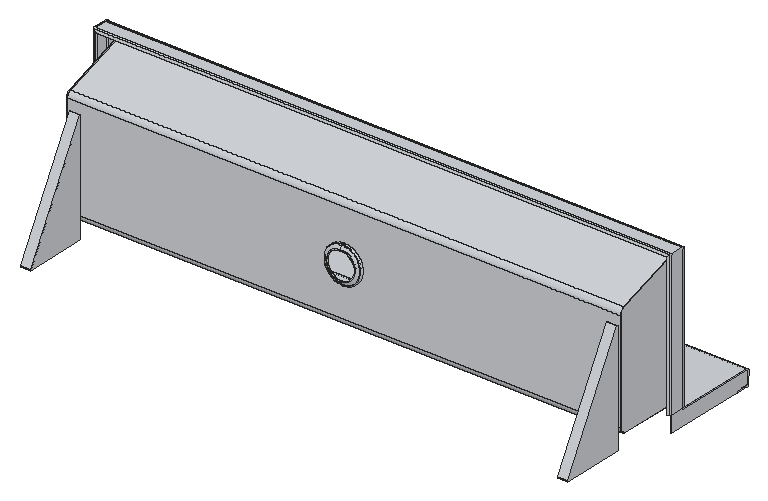
Revit family "Wall_Hung _Multiple_Station_Hand_Wash_Sink-Elkay-EWMA72206", category Plumbing Fixtures, host Face, Revit 2022
Family settings
  Host = Face
  Round Connector Dimension = Use Diameter
  Part Type = Normal
  OmniClass Number = 23.45.05.14.14
  OmniClass Title = Sinks/Lavatories
  Cut with Voids When Loaded = No
  Maintain Annotation Orientation = No
  Shared = No
  Room Calculation Point = No
Parameters (values of type "EWMA72206 (Wall Hung Multiple Station 6-Hole Sink)")
  center Hole = no
  URL = "https://www.elkay.com/us/en.html"
  Sink Width = (Back splash width + Bowl Width + Front rim)  # 20.00"
  Sink Length = (Bowl length + Rim * 2)  # 72.00"
  Sink Depth = 18.00"
  Sink Dimensions = "72 inch x 20 inch x 18 inch"  # constant formula
  Rim = 1.50"
  Right side 2 Hole pair = yes
  Repair Parts URL = "https://www.elkayfiles.com/care-cleaning-install-warranty-sheets/2000000714.pdf"
  Product data URL = "https://www.bimobject.com/en/elkay/product/EWMA72206"
  Product Weight (lbs) = 93  # constant formula
  Product Page URL = "https://www.elkay.com/products/details/EWMA72206"
  Product Installation Sheet URL = "https://www.elkayfiles.com/care-cleaning-install-warranty-sheets/2000000714.pdf"
  Product Documentation Link = "https://www.elkayfiles.com/spec-sheets/ewma72206_spec.pdf"
  Outlet Connection Size (inch) = 1.50"
  No of Bowls = 1  # constant formula
  Modified Date = ""
  Model = "EWMA72206"
  Manufacturer Brand = "Elkay (by Zurn Elkay Water Solutions)"  # constant formula
  Manufacturer = "Elkay Manufacturer Company"  # constant formula
  Main Material = Finish-Elkay-Stainless Steel
  Installation type = "Wall Hung"  # constant formula
  Guage = "14"  # constant formula
  Front rim = 1.50"
  Drain Size = 3.50"
  Drain Location along y-axis = 6.88"
  Drain Location along x-axis = 34.50"
  Drain Location = "Center"  # constant formula
  Description = "Stainless Steel 72 inch x 20 inch x 18 inch 6 Hole Wall Hung Multiple Station Hand Wash Sink"
  Default Elevation = 48.00"
  Date Created = "08-20-2025"  # constant formula
  CL of Hole = 3.50"
  C/C distance of Center2-Hole pair = 8.00"
  Bowl Width = 16.50"
  Bowl length = 69.00"
  Bowl  Dimensions = "69 inch x 16 1/2 inch x 8 inch"  # constant formula
  Back splash width = 2.00"
  Back splash Height = 10.00"
  Assembly Code = "D2010400"
  Approx. Shipping Weight (lbs) = 95  # constant formula
  Center 2-Hole pair = yes
  Left side 2 Hole pair = yes
Reference planes (in)
  plane 1 "Center (Front/Back)": y = 0
  plane 2: z = 0
  plane 3 "Center (Left/Right)": x = 0
  plane 4: x = -36
  plane 5: x = 36
  plane 6: z = 20
  plane 7: y = 14.575
  plane 8: z = 8.88
  plane 9: z = 18.5
  plane 10: z = 2
  plane 11: x = -34.5
  plane 12: x = 34.5
Lines and regions (in)
  Masking region 1
    outline origin (0, 0, 0) x (1, 0, 0) y (0, 0, 1)
      loop
        line (-36, 20) -> (-36, 0) -> (36, 0) -> (36, 20) -> (-36, 20)
  Masking region 2, detail levels fine
    outline origin (0, 0, 0) x (1, 0, 0) y (0, 0, 1)
      loop
        line (-34.5, 18.5) -> (-34.5, 2) -> (34.5, 2) -> (34.5, 18.5) -> (-34.5, 18.5)
      loop
        circle (0, 8.88) r 1.75
Dimensions and locks (in)
  equal spacing: plane 5, plane 3 "Center (Left/Right)", plane 4
  "Back splash width": plane 10 to level
  "Bowl Width": plane 9 to plane 10
  plane 9 to plane 8 to plane 10 = 9.62", 6.88"
  equal spacing: plane 12, plane 3 "Center (Left/Right)", plane 11
  "Bowl length": plane 12 to plane 11
  "Drain Location along y-axis": plane 8 to plane 10
  "Front rim": plane 6 to plane 9
  "Rim": plane 11 to plane 4
  plane 12 to plane 5 = 1.50"
  aligned and locked: plane 2 to host face
  aligned and locked: level to host face
  aligned and locked: plane 3 "Center (Left/Right)" to nested 1
  aligned and locked: nested 1 to plane 8
  aligned and locked: plane 1 "Center (Front/Back)" to nested 1
  aligned and locked: Masking region 1 sketch curve to plane 6
  aligned and locked: plane 4 to Masking region 1 sketch curve
  aligned and locked: level to Masking region 1 sketch curve
  aligned and locked: Masking region 1 sketch curve to plane 5
  aligned and locked: Masking region 2 sketch curve to plane 9
  aligned and locked: plane 11 to Masking region 2 sketch curve
  aligned and locked: plane 10 to Masking region 2 sketch curve
  aligned and locked: Masking region 2 sketch curve to plane 12
  aligned and locked: plane 8 to Masking region 2 sketch curve
  aligned and locked: plane 3 "Center (Left/Right)" to Masking region 2 sketch curve
Automatic sketch dimensions
  host sketch curve to host sketch curve = 96.00"
  host sketch curve to host sketch curve = 80.79059"
  radius of Masking region 2 sketch curve = 1.75"
Nested families (in)
  nested 1: "EWMA72206" at (0, -15.75, 10) x (1, 0, 0) z (0, 1, 0), Sink Length <- "Sink Length", Sink Width <- "Sink Width", Sink depth <- "Sink Depth", Bowl length <- "Bowl length", Bowl Width <- "Bowl Width", Back splash width <- "Back splash width", Back splash Height <- "Back splash Height", CL of Hole <- "CL of Hole", Drain location along y axis <- "Drain Location along y-axis", Front rim <- "Front rim", Rim <- "Rim", Drain location along x axis <- "Drain Location along x-axis", Center Hole <- "center Hole", Left side 2-Hole pair <- "Left side 2 Hole pair", Right side 2-Hole pair <- "Right side 2 Hole pair", Center 2-Hole pair <- "Center 2-Hole pair", c/c distance of  center 2-Hole pair <- "C/C distance of Center2-Hole pair", type "EWMA72206"
    with distance between 2 holes 40.00", c/c distance of  center 2-Hole pair 8.00", Stainless Steel Metal - Steel - Stainless - Chrome, Sink depth 18.00", Sink Width 20.00", Sink Length 72.00", Rim 1.50", Right side 2-Hole pair yes, Left side 2-Hole pair yes, Front rim 1.50", Drain location along y axis 6.88", Drain location along x axis 34.50", Center Hole no, Center 2-Hole pair yes, CL of Hole 3.50", Bowl length 69.00", Bowl Width 16.50", Back splash width 2.00", Back splash Height 10.00", Angle for  Bowl 71.0296°
Connectors (in)
  piping at (0, -8.3873, 8.88), diameter 1.5, driven by "Outlet Connection Size (inch)"
    settings: on nested 1, index 1, connector inside diameter 24", connector length 0.00", flow factor 0, pipe flow 0 GPM, pressure drop 0.00 psi, fitting loss kfactor 0, connector angle 0.00°, fixture units 0, engagement length 0.00", angle of deflection 0.00°, flow configuration 0, flow direction 2, fitting loss method 0, system type 16, joint type 0, gender type 0, connector reference index -1, connector utility 0, adjustable connector no, is connector primary yes, connector description "Sanitary Outlet"
Definition of nested family "EWMA72206"
  Parameters (values of type "EWMA72206")
    distance between 2 holes [instance] = 16.00"
    c/c distance of  center 2-Hole pair [instance] = 8.00"
    Sink depth [instance] = 18.00"
    Sink Width [instance] = 20.00"
    Sink Length [instance] = 72.00"
    Rim [instance] = 1.50"
    URL = ""
    Type Comments = ""
    Stainless Steel [instance] = none
    Model = ""
    Manufacturer = ""
    Main Material = none
    Front rim [instance] = 1.50"
    Drain location along y axis [instance] = 6.875"
    Drain location along x axis [instance] = 34.50"
    Description = ""
    Default Elevation = 48.00"
    Center 2-Hole pair [instance] = yes
    Center Hole [instance] = no
    CL of Hole [instance] = 3.50"
    Bowl length [instance] = 69.00"
    Bowl Width [instance] = 16.50"
    Back splash width [instance] = 2.00"
    Back splash Height [instance] = 10.00"
    Assembly Code = ""
    Angle for  Bowl [instance] = 71.0296°
    Right side 2-Hole pair [instance] = yes
    Left side 2-Hole pair [instance] = yes
  Reference planes (in)
    plane 1 "Center (Front/Back)": y = 0
    plane 2: z = 0
    plane 3 "Center (Left/Right)": x = 0
    plane 4: y = 10
    plane 5: y = -10
    plane 6: x = 36
    plane 7: x = -36
    plane 8: x = 34.5
    plane 9: x = -34.5
    plane 10: y = 8
    plane 11: y = -8.5
    plane 12: y = 1.125
    plane 13: z = 22.325
    plane 14: z = 15.75
    plane 15: z = 13.82508
    plane 16: z = 7.82508
    plane 17: y = 8.075
    plane 18: y = 9.9248
    plane 19: z = 7.75
    plane 20: x = -34.575
    plane 21: x = 34.575
    plane 22: z = 15.47493
    plane 23: z = 25.75
    plane 24: x = 32.875
    plane 25: x = 34.125
    plane 26: x = -32.875
    plane 27: x = -34.125
    plane 28: y = 9.944
    plane 29: y = 9.84375
    plane 30: y = 9.78775
    plane 31: z = 25.675
    plane 32: x = -28
    plane 33: x = 28
  Forms (in)
    Sweep 1, solid
      path origin (-75.79017, -58.88339, 6.13433) x (0, -1, 0) y (-1, 0, 0)
        loop
          line (-58.88339, -41.21517) -> (-58.88339, -110.29017)
      profile origin (-0.0375, 0, 6.13433) x (0, 1, 0) y (0, 0, 1)
        loop
          line (8.07503, 2.37874) -> (8.07503, 9.3406) -> (7.99983, 9.3406) -> (7.99983, 2.37874)
          arc (7.99983, 2.37874) -> (7.79837, 1.89238) -> (7.31201, 1.69092) r 0.68782
          line (7.31201, 1.69092) -> (-5.2474, 1.69092)
          arc (-5.2474, 1.69092) -> (-5.65648, 1.82191) -> (-5.91338, 2.16617) r 0.70426
          line (-5.91338, 2.16617) -> (-8.33993, 9.22268) -> (-8.5, 9.26557) -> (-8.5, 9.18772) -> (-8.39771, 9.16031) -> (-5.98431, 2.14179)
          arc (-5.98431, 2.14179) -> (-5.69994, 1.76072) -> (-5.24712, 1.61572) r 0.77955
          line (-5.24712, 1.61572) -> (7.31201, 1.61572)
          arc (7.31201, 1.61572) -> (7.85154, 1.83921) -> (8.07503, 2.37874) r 0.76302
    Extrusion 2, solid
      sketch origin (-143, -1.69145, 10.2287) x (0, 1, 0) y (0, 0, 1)
        loop
          line (9.76646, -1.71571) -> (9.76646, 5.11345) -> (-6.72173, 5.11345) -> (-4.28978, -1.96131)
          arc (-4.28978, -1.96131) -> (-4.01015, -2.33609) -> (-3.56483, -2.4787) r 0.76659
          line (-3.56483, -2.4787) -> (9.00346, -2.4787)
          arc (9.00346, -2.4787) -> (9.54298, -2.25522) -> (9.76646, -1.71571) r 0.76299
      from 177.575 to 177.5
    Extrusion 3, solid
      sketch origin (-143, 0.79105, 25.9002) x (0, 1, 0) y (0, 0, 1)
        loop
          line (9.01603, -0.1502) -> (7.40186, -0.1502)
          arc (7.40186, -0.1502) -> (7.26545, -0.2067) -> (7.20895, -0.34311) r 0.19291
          line (7.20895, -0.34311) -> (7.20895, -12.07511) -> (9.20895, -12.07511) -> (9.20895, -0.34311)
          arc (9.20895, -0.34311) -> (9.15244, -0.2067) -> (9.01603, -0.1502) r 0.19291
      from 178.925 to 179
    Extrusion 4, solid
      sketch origin (-120.425, 75.12404, 65.31929) x (0, 1, 0) y (0, 0, 1)
        loop
          arc (-66.93112, -39.56929) -> (-67.06753, -39.62579) -> (-67.12404, -39.7622) r 0.19291
          line (-67.12404, -39.7622) -> (-67.12404, -51.49421) -> (-65.12404, -51.49421) -> (-65.12404, -39.7622)
          arc (-65.12404, -39.7622) -> (-65.18054, -39.62579) -> (-65.31695, -39.56929) r 0.19291
          line (-65.31695, -39.56929) -> (-66.93112, -39.56929)
      from 84.425 to 84.5
    Sweep 5, solid
      path origin (-231.74357, -59.20895, 7.75) x (0, -1, 0) y (-1, 0, 0)
        loop
          circle (-60.33395, -231.74357) r 1.77165
      profile origin (-1.77165, 1.125, 7.75) x (-1, 0, 0) y (0, 0, 1)
        loop
          line (-0.05902, -0.3873) -> (-0.05902, -0.4623) -> (0.04084, -0.4623) -> (0.44666, -0.26519)
          arc (0.44666, -0.26519) -> (0.48011, -0.24138) -> (0.50392, -0.20793) r 0.12378
          line (0.50392, -0.20793) -> (0.61619, 0) -> (0.52493, 0) -> (0.44107, -0.17611)
          arc (0.44107, -0.17611) -> (0.43086, -0.19045) -> (0.41638, -0.20046) r 0.05087
          line (0.41638, -0.20046) -> (0.02314, -0.3873) -> (-0.05902, -0.3873)
    Sweep 6, solid
      path origin (-75.72893, -59.20895, 16.07957) x (0, -1, 0) y (-1, 0, 0)
        loop
          line (-67.20895, -111.72893) -> (-49.20895, -111.72893) -> (-49.20895, -39.72893) -> (-67.20895, -39.72893)
      profile origin (-36, -1, 16.07957) x (-1, 0, 0) y (0, 0, 1)
        loop
          line (0, -2.22038) -> (0, -0.50083)
          arc (0, -0.50083) -> (-0.06697, -0.36502) -> (-0.21548, -0.33548) r 0.17118
          line (-0.21548, -0.33548) -> (-1.5002, -0.67972) -> (-1.5002, -0.78278) -> (-1.425, -0.78278) -> (-1.425, -0.73742) -> (-0.19502, -0.40785)
          arc (-0.19502, -0.40785) -> (-0.11244, -0.42427) -> (-0.0752, -0.49979) r 0.09519
          line (-0.0752, -0.49979) -> (-0.0752, -2.20812)
          arc (-0.0752, -2.20812) -> (-0.09586, -2.269) -> (-0.14932, -2.30472) r 0.1
          line (-0.14932, -2.30472) -> (-0.4375, -2.38193) -> (-0.41809, -2.45438) -> (-0.11782, -2.37392)
          arc (-0.11782, -2.37392) -> (-0.03285, -2.31715) -> (0, -2.22038) r 0.15896
    Extrusion 7, solid
      sketch origin (-120.425, 75.12404, 65.31929) x (0, 1, 0) y (0, 0, 1)
        loop
          line (-79.12404, -57.56929) -> (-79.12404, -57.64429) -> (-65.19904, -65.31937) -> (-65.12404, -65.31937) -> (-65.12404, -57.56929) -> (-79.12404, -57.56929)
      from 154.55 to 153.3
    Extrusion 8, void
      sketch origin (-143, 0, 0) x (1, 0, 0) y (0, 1, 0)
        loop
          circle (143, 1.125) r 2.3
      from 7.75 to 8.15712
    Sweep 9, solid, detail levels coarse+medium
      path origin (12, 0, 0) x (1, 0, 0) y (0, 1, 0)
        loop
          line (24, 8.075) -> (24, -10) -> (-48, -10) -> (-48, 8.075)
      profile origin (-36, -0.9625, 0) x (-1, 0, 0) y (0, 0, 1)
        loop
          line (0, 15.75) -> (-1.5, 15.75) -> (-1.5, 13.82508) -> (0, 13.82508) -> (0, 15.75)
    Extrusion 10, solid
      sketch origin (143, -1.69145, 10.2287) x (0, 1, 0) y (0, 0, -1)
        loop
          arc (9.76646, 1.71571) -> (9.54298, 2.25522) -> (9.00346, 2.4787) r 0.76299
          line (9.00346, 2.4787) -> (-3.56483, 2.4787)
          arc (-3.56483, 2.4787) -> (-4.01018, 2.33609) -> (-4.28985, 1.96131) r 0.76669
          line (-4.28985, 1.96131) -> (-6.72259, -5.11345) -> (9.76646, -5.11345) -> (9.76646, 1.71571)
      from 177.575 to 177.5
    Extrusion 11, solid
      sketch origin (0, 6.80741, -14) x (0, -0.941743, 0.336334) y (0, -0.336334, -0.941743)
        loop
          line (10.54437, -38.44316) -> (12.06451, -37.90026)
          arc (12.06451, -37.90026) -> (12.17397, -37.80117) -> (12.1813, -37.6537) r 0.19291
          line (12.1813, -37.6537) -> (8.74566, -28.03386) -> (8.67503, -28.05908) -> (12.11067, -37.67893)
          arc (12.11067, -37.67893) -> (12.10627, -37.76903) -> (12.0394, -37.82959) r 0.11777
          line (12.0394, -37.82959) -> (10.54221, -38.3643)
          arc (10.54221, -38.3643) -> (10.4335, -38.35889) -> (10.36046, -38.2782) r 0.14221
          line (10.36046, -38.2782) -> (10.26436, -38.00913) -> (10.19354, -38.03442) -> (10.29781, -38.32637)
          arc (10.29781, -38.32637) -> (10.3969, -38.43583) -> (10.54437, -38.44316) r 0.19291
      from -36 to 36
    Extrusion 12, solid
      sketch origin (120.425, 75.12404, 65.31929) x (0, 1, 0) y (0, 0, -1)
        loop
          line (-79.12404, 57.56929) -> (-65.12404, 57.56929) -> (-65.12404, 65.31937) -> (-65.19904, 65.31937) -> (-79.12404, 57.64429) -> (-79.12404, 57.56929)
      from 154.55 to 153.3
    Extrusion 13, solid
      sketch origin (0, 6.05741, -14) x (0, -0.941743, 0.336334) y (0, -0.336334, -0.941743)
        loop
          line (9.07304, -36.96041) -> (9.0203, -36.97925) -> (9.26814, -37.67319)
          arc (9.26814, -37.67319) -> (9.31835, -37.74195) -> (9.3979, -37.77231) r 0.15001
          arc (9.3979, -37.77231) -> (9.45583, -37.79349) -> (9.49425, -37.84175) r 0.11404
          line (9.49425, -37.84175) -> (9.80354, -38.70775) -> (9.85627, -38.68891) -> (9.54651, -37.82157)
          arc (9.54651, -37.82157) -> (9.48926, -37.74856) -> (9.4022, -37.71647) r 0.17004
          arc (9.4022, -37.71647) -> (9.35235, -37.69745) -> (9.32088, -37.65435) r 0.09401
          line (9.32088, -37.65435) -> (9.07304, -36.96041)
      from -36 to 36
    Extrusion 14, void
      sketch origin (0, 0, 0) x (1, 0, 0) y (0, 0, 1)
        loop
          circle (-20, 22.325) r 0.75
        loop
          circle (-28, 22.325) r 0.75
      from -8.075 to -8
    Extrusion 15, void
      sketch origin (8, 0, 0) x (1, 0, 0) y (0, 0, 1)
        loop
          circle (-4, 22.325) r 0.75
        loop
          circle (-12, 22.325) r 0.75
      from -8.075 to -8
    Extrusion 16, void
      sketch origin (16, 0, 0) x (1, 0, 0) y (0, 0, 1)
        loop
          circle (-16, 22.325) r 0.75
      from -8.075 to -8
    Extrusion 17, void
      sketch origin (0, 0, 0) x (-1, 0, 0) y (0, 0, -1)
        loop
          circle (-20, -22.325) r 0.75
        loop
          circle (-28, -22.325) r 0.75
      from -8.075 to -8
  Cuts and joins
    Extrusion 8 cuts Sweep 1
    Extrusion 14, Extrusion 15, Extrusion 16, Extrusion 17 cuts Extrusion 11
  Dimensions and locks (in)
    equal spacing: plane 4, plane 1 "Center (Front/Back)", plane 5
    equal spacing: plane 7, plane 3 "Center (Left/Right)", plane 6
    plane 3 "Center (Left/Right)" to plane 8 = 34.50"
    "Back splash width": plane 4 to plane 10
    "Front rim": plane 11 to plane 5
    "Drain location along y axis": plane 10 to plane 12
    "Rim": plane 7 to plane 9
    "Rim": plane 8 to plane 6
    "Bowl length": plane 9 to plane 8
    "Bowl Width": plane 10 to plane 11
    plane 7 to plane 6 = 72.00"
    plane 4 to plane 5 = 20.00"
    plane 14 to plane 15 = 1.92492"
    plane 14 to plane 16 = 7.92492"
    plane 16 to level = 7.82508"
    locked: plane 19 to plane 16 at 0.07508
    locked: plane 19 to Sweep 1 sketch curve at 0.77961
    locked: plane 19 to Sweep 1 sketch curve at 0.76307
    locked: plane 17 to Sweep 1 sketch curve at 0.76299
    locked: Sweep 1 sketch curve to plane 5 at 4.75288
    locked: plane 8 to plane 21 at 0.075
    locked: plane 20 to plane 9 at 0.075
    locked: Extrusion 4 to Extrusion 4 at 0.075
    locked: Extrusion 3 to Extrusion 3 at 0.075
    locked: plane 27 to plane 26 at 1.25
    locked: plane 25 to plane 24 at 1.25
    locked: plane 7 to plane 26 at 3.125
    locked: plane 6 to plane 24 at 3.125
    locked: plane 4 to plane 18 at 0.0752
    locked: plane 17 to plane 10 at 0.075
    locked: plane 18 to Extrusion 11 sketch curve at 0.11772
    locked: Extrusion 11 sketch curve to plane 10 at 0.19291
    locked: plane 4 to plane 28 at 0.056
    locked: plane 29 to plane 30 at 0.056
    locked: plane 29 to plane 10 at 1.84375
    plane 19 to plane 14 = 8.00"
    plane 19 to level = 7.75"
    locked: Sweep 9 to Sweep 6 sketch curve at 2.12481
    locked: plane 31 to plane 23 at 0.075
    "Back splash Height": plane 14 to plane 23
    locked: plane 7 to plane 32 at 8
    locked: Extrusion 14 sketch curve to Extrusion 14 sketch curve at 8
    Extrusion 17 sketch curve to Extrusion 17 sketch curve = 8.00"
    locked: Extrusion 17 sketch curve to Extrusion 17 sketch curve at 8
    "c/c distance of  center 2-Hole pair": Extrusion 15 sketch curve to Extrusion 15 sketch curve
    equal spacing: Extrusion 15 sketch curve, plane 3 "Center (Left/Right)", Extrusion 15 sketch curve
    locked: plane 6 to plane 33 at 8
    "Sink depth": plane 23 to plane 19
    plane 9 to plane 3 "Center (Left/Right)" = 34.50"
    locked: Extrusion 3 sketch curve to Extrusion 3 sketch curve (radius 0.19291")  (x2)
    locked: Extrusion 2 sketch curve to Extrusion 2 sketch curve (radius 0.76299")
    locked: Extrusion 10 sketch curve to Extrusion 10 sketch curve (radius 0.76299")
    radius of Extrusion 15 sketch curve = 0.75"
    "Angle for  Bowl": angle plane 19 to Extrusion 2 sketch curve
    aligned and locked: plane 2 to level
    aligned and locked: plane 1 "Center (Front/Back)" to Sweep 1 sketch curve
    aligned and locked: Sweep 5 sketch curve to profile plane
    aligned and locked: plane 7 to Sweep 9 sketch curve  (x2)
    aligned and locked: plane 6 to Sweep 9 sketch curve
    aligned and locked: plane 5 to Sweep 9 sketch curve
    aligned and locked: plane 15 to Sweep 9 sketch curve
    aligned and locked: Sweep 9 sketch curve to plane 14
    aligned and locked: Sweep 9 sketch curve to plane 9
    aligned and locked: plane 5 to Sweep 6 sketch curve
    aligned and locked: Extrusion 2 sketch curve to plane 17
    aligned and locked: Extrusion 2 sketch curve to plane 19
    aligned and locked: plane 7 to Sweep 6 sketch curve
    aligned and locked: plane 6 to Sweep 6 sketch curve
    aligned and locked: plane 8 to Sweep 1 sketch curve
    aligned and locked: plane 20 to Sweep 1 sketch curve
    aligned and locked: Extrusion 10 to plane 20
    aligned and locked: plane 9 to Extrusion 10
    aligned and locked: Extrusion 10 sketch curve to plane 19
    aligned and locked: Extrusion 10 sketch curve to plane 17
    aligned and locked: Extrusion 10 sketch curve to Sweep 1
    aligned and locked: Extrusion 2 to plane 8
    aligned and locked: Extrusion 2 to plane 21
    aligned and locked: plane 10 to Extrusion 11 sketch curve
    aligned and locked: plane 17 to Extrusion 11 sketch curve
    aligned and locked: Extrusion 11 sketch curve to plane 18
    aligned and locked: Extrusion 11 sketch curve to plane 4
    aligned and locked: Extrusion 11 to plane 7
    aligned and locked: Extrusion 11 to plane 6
    aligned and locked: Extrusion 4 to plane 7
    aligned and locked: Extrusion 3 to plane 6
    aligned and locked: plane 22 to Sweep 1 sketch curve
    aligned and locked: plane 27 to Extrusion 12
    aligned and locked: Extrusion 12 to plane 26
    aligned and locked: plane 3 "Center (Left/Right)" to Extrusion 8 sketch curve
    aligned and locked: plane 12 to Extrusion 8 sketch curve
    aligned and locked: plane 3 "Center (Left/Right)" to Sweep 5 sketch curve
    aligned and locked: plane 12 to Sweep 5 sketch curve
    aligned and locked: Extrusion 7 to plane 24
    aligned and locked: plane 25 to Extrusion 7
    aligned and locked: Extrusion 13 to plane 7
    aligned and locked: Extrusion 13 to plane 6
    aligned and locked: plane 23 to Extrusion 13 sketch curve
    aligned and locked: plane 30 to Extrusion 13 sketch curve
    aligned and locked: Extrusion 13 sketch curve to plane 29
    aligned and locked: plane 13 to Extrusion 14 sketch curve  (x2)
    aligned and locked: plane 13 to Extrusion 15 sketch curve  (x2)
    aligned and locked: Extrusion 16 to plane 17
    aligned and locked: Extrusion 16 to plane 10
    aligned and locked: Extrusion 14 to plane 17
    aligned and locked: Extrusion 14 to plane 10
    aligned and locked: Extrusion 15 to plane 17
    aligned and locked: Extrusion 15 to plane 10
    aligned and locked: plane 15 to Extrusion 4 sketch curve
    aligned and locked: plane 4 to Extrusion 4 sketch curve
    aligned and locked: Extrusion 4 sketch curve to plane 10
    aligned and locked: Extrusion 3 sketch curve to plane 4
    aligned and locked: plane 10 to Extrusion 3 sketch curve
    aligned and locked: Extrusion 3 sketch curve to plane 15
    aligned and locked: plane 23 to Extrusion 11 sketch curve
    aligned and locked: Extrusion 11 sketch curve to plane 31
    aligned and locked: Extrusion 4 sketch curve to plane 23
    aligned and locked: plane 23 to Extrusion 3 sketch curve
    aligned and locked: plane 32 to Extrusion 14 sketch curve
    aligned and locked: plane 33 to Extrusion 17 sketch curve
    aligned and locked: plane 13 to Extrusion 17 sketch curve  (x2)
    aligned and locked: plane 3 "Center (Left/Right)" to Extrusion 16 sketch curve
    aligned and locked: plane 13 to Extrusion 16 sketch curve
    aligned and locked: Sweep 1 sketch curve to Sweep 6  (x2)
    aligned and locked: plane 11 to Sweep 1 sketch curve
    aligned and locked: Extrusion 10 sketch curve to Sweep 6
    aligned and locked: Extrusion 2 sketch curve to Sweep 6
    aligned and locked: Extrusion 11 sketch curve to Extrusion 10
    aligned and locked: plane 19 to Sweep 5
  Automatic sketch dimensions
    plane 17 to Extrusion 4 sketch curve = 0.11791"
    plane 30 to Extrusion 4 sketch curve = 0.01934"  (x2)
    profile plane to Sweep 5 sketch curve = 0.05902"
    Sweep 5 sketch curve to profile plane = 0.02314"
    Sweep 5 sketch curve to profile plane = 0.04084"
    Sweep 5 sketch curve to profile plane = 0.15385"
    Sweep 5 sketch curve to profile plane = 0.39258"
    Sweep 5 sketch curve to Sweep 5 sketch curve = 0.00256"
    Sweep 5 sketch curve to profile plane = 0.20046"
    Sweep 5 sketch curve to Sweep 5 sketch curve = 0.02124"
    Sweep 5 sketch curve to profile plane = 0.17611"
    Sweep 5 sketch curve to Sweep 5 sketch curve = 0.02469"
    Sweep 5 sketch curve to Sweep 5 sketch curve = 0.03028"
    Sweep 5 sketch curve to profile plane = 0.20793"
    Sweep 5 sketch curve to Sweep 5 sketch curve = 0.06285"
    Sweep 5 sketch curve to Sweep 5 sketch curve = 0.08387"
    Sweep 5 sketch curve to Sweep 5 sketch curve = 0.09126"
    Sweep 5 sketch curve to profile plane = 0.3873"
    Sweep 5 sketch curve to Sweep 5 sketch curve = 0.075"
    Sweep 6 sketch curve to plane 10 = 0.00"  (x2)
    Sweep 6 sketch curve to profile plane = 0.00"
    profile plane to Sweep 6 sketch curve = 0.0752"
    profile plane to Sweep 6 sketch curve = 0.11782"
    Sweep 6 sketch curve to Sweep 6 sketch curve = 0.0315"
    Sweep 6 sketch curve to Sweep 6 sketch curve = 0.08376"
    Sweep 6 sketch curve to Sweep 6 sketch curve = 0.09519"
    Sweep 6 sketch curve to Sweep 6 sketch curve = 0.0008"
    Sweep 6 sketch curve to Sweep 6 sketch curve = 0.01624"
    Sweep 6 sketch curve to Sweep 6 sketch curve = 0.02464"
    Sweep 6 sketch curve to Sweep 6 sketch curve = 0.02046"
    Sweep 6 sketch curve to Sweep 6 sketch curve = 0.26877"
    Sweep 6 sketch curve to Sweep 6 sketch curve = 0.01941"
    Sweep 6 sketch curve to Sweep 6 sketch curve = 1.22998"
    Sweep 6 sketch curve to Sweep 6 sketch curve = 0.0752"
    Sweep 6 sketch curve to Sweep 6 sketch curve = 0.07244"
    Sweep 6 sketch curve to Sweep 6 sketch curve = 0.08046"
    Sweep 6 sketch curve to Sweep 6 sketch curve = 0.0692"
    Sweep 6 sketch curve to profile plane = 0.78278"
    Sweep 6 sketch curve to Sweep 6 sketch curve = 0.04536"
    Sweep 6 sketch curve to Sweep 6 sketch curve = 0.0577"
    Sweep 6 sketch curve to profile plane = 0.50083"
    Sweep 6 sketch curve to Sweep 6 sketch curve = 0.00104"
    plane 19 to Extrusion 7 sketch curve = 0.00"
    Extrusion 7 sketch curve to plane 4 = 0.00"
    Extrusion 7 sketch curve to level = 0.00008"
    plane 18 to Extrusion 7 sketch curve = 0.0002"
    plane 19 to Extrusion 7 sketch curve = 0.075"
    plane 1 "Center (Front/Back)" to Extrusion 7 sketch curve = 4.00"
    Sweep 9 sketch curve to plane 17 = 0.00"  (x2)
    Extrusion 11 sketch curve to Extrusion 11 sketch curve = 0.10427"
    Extrusion 11 sketch curve to Extrusion 11 sketch curve = 0.06265"
    Extrusion 11 sketch curve to Extrusion 11 sketch curve = 0.00018"
    Extrusion 11 sketch curve to Extrusion 11 sketch curve = 0.03959"
    Extrusion 11 sketch curve to Extrusion 11 sketch curve = 0.02511"
    Extrusion 11 sketch curve to Extrusion 11 sketch curve = 0.11086"
    Extrusion 11 sketch curve to Extrusion 11 sketch curve = 0.07063"
    plane 19 to Extrusion 12 sketch curve = 0.00"
    Extrusion 12 sketch curve to plane 4 = 0.00"
    Extrusion 12 sketch curve to level = 0.00008"
    plane 18 to Extrusion 12 sketch curve = 0.0002"
    plane 19 to Extrusion 12 sketch curve = 0.075"
    plane 1 "Center (Front/Back)" to Extrusion 12 sketch curve = 4.00"
    Extrusion 13 sketch curve to Extrusion 13 sketch curve = 0.00"  (x6)
    Extrusion 13 sketch curve to plane 4 = 0.00"  (x2)
    Extrusion 13 sketch curve to plane 28 = 0.00"
    Extrusion 13 sketch curve to Extrusion 13 sketch curve = 0.30976"
    Extrusion 13 sketch curve to Extrusion 13 sketch curve = 0.05226"
    Extrusion 13 sketch curve to Extrusion 13 sketch curve = 0.08484"
    Extrusion 13 sketch curve to Extrusion 13 sketch curve = 0.1051"
    Extrusion 13 sketch curve to Extrusion 13 sketch curve = 0.14127"
    Extrusion 13 sketch curve to Extrusion 13 sketch curve = 0.1951"
    Extrusion 13 sketch curve to Extrusion 13 sketch curve = 0.04426"
    Extrusion 13 sketch curve to Extrusion 13 sketch curve = 0.05045"
    Extrusion 13 sketch curve to Extrusion 13 sketch curve = 0.05274"
    Sweep 1 sketch curve to Sweep 1 sketch curve = 0.00"  (x2)
    Sweep 1 sketch curve to Sweep 1 sketch curve = 0.00028"
    Sweep 1 sketch curve to Sweep 1 sketch curve = 0.66599"
    Sweep 1 sketch curve to Sweep 1 sketch curve = 0.07093"
    Sweep 1 sketch curve to Sweep 1 sketch curve = 0.05778"
    Sweep 1 sketch curve to Sweep 1 sketch curve = 0.10229"
    Sweep 1 sketch curve to Sweep 1 sketch curve = 0.0752"
    Extrusion 10 sketch curve to plane 16 = 0.4423"
    Extrusion 2 sketch curve to plane 16 = 0.4423"
    plane 11 to Extrusion 2 sketch curve = 0.08682"
    radius of Sweep 5 sketch curve = 1.77165"
    radius of Extrusion 8 sketch curve = 2.30"
    radius of Extrusion 14 sketch curve = 0.75"  (x2)
    radius of Extrusion 16 sketch curve = 0.75"
    radius of Extrusion 17 sketch curve = 0.75"  (x2)
    radius of Extrusion 15 sketch curve = 0.75"
